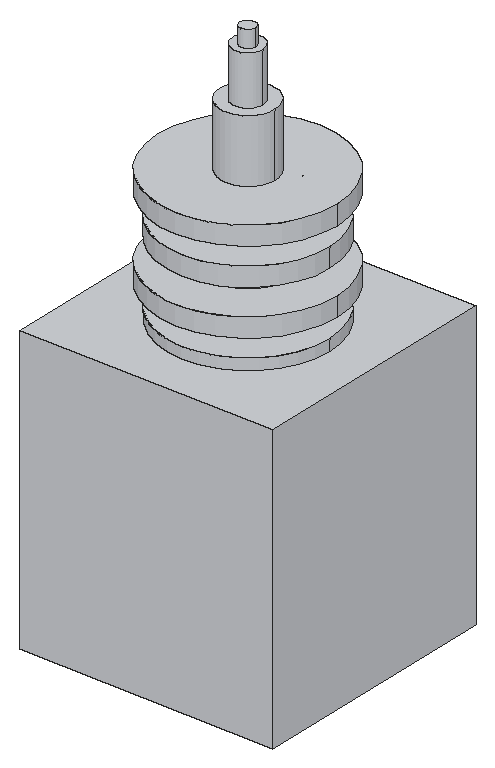
Revit family "GIS_Transformer_BushingMV", category Modelos genéricos, Revit 2027
Family settings
  Pode hospedar o vergalhão = Não
  Cota do conector redondo = Utilizar diâmetro
  Tipo de parte = Normal
  Com base no plano de trabalho = Não
  Sempre na vertical = Sim
  Corte com vazios quando carregada = Não
  Manter orientação da anotação = Não
  Compartilhado = Não
  Ponto de cálculo do ambiente = Não
Parameters (values of type "TR_BUSHING_MV_STUDY")
  Elevação padrão = 0 mm
  BIM_TensaoSecundaria_kV = 0
  BIM_TensaoNominal_kV = 13.8
  BIM_TensaoClasse_kV = 17.5
  BIM_TensaoClasseSecundaria_kV = 0
  BIM_Sistema_Elemento [instance] = ""
  BIM_ReferenciaCatalogo = "Portfolio estimate; bushing datasheet pending"
  BIM_Profundidade = 360 mm
  BIM_Potencia_MVA = 0
  BIM_Localizacao [instance] = ""
  BIM_Largura = 360 mm
  BIM_Impedancia_pu = 0
  BIM_FonteGeometria = "Portfolio estimate; bushing datasheet pending"
  BIM_Fabricante = "NAO SELECIONADO"
  BIM_EstadoGeometria = "ESTIMATED"
  BIM_EstadoEspecificacao = "PREMISSA / NAO SELECIONADO"
  BIM_DescricaoEstudo = "Bucha de media tensao conceitual; classe de isolamento e terminais pendentes."
  BIM_CorrenteReferenciaSecundaria_A = 0
  BIM_CorrenteNominal_A = 0
  BIM_Bay [instance] = ""
  BIM_AlturaCorpoPrincipal = 405.6 mm
  BIM_Altura = 780 mm
Reference planes
  plane 1 "Centro (Frente/Trás)": y = 0
  plane 2: z = 0
  plane 3 "Centro (Esquerda/Direita)": x = 0
  plane 4 "BIM Left": x = -180
  plane 5 "BIM Right": x = 180
  plane 6 "BIM Front": y = -180
  plane 7 "BIM Back": y = 180
Forms (mm)
  Extrusion 1, solid
    sketch origin (0, 0, 0) x (1, 0, 0) y (0, 1, 0)
      loop
        line (-180, -180) -> (180, -180) -> (180, 180) -> (-180, 180) -> (-180, -180)
    from 0 to 405.6 <- "BIM_AlturaCorpoPrincipal"
  Extrusion 2, solid
    sketch origin (0, 0, 78) x (1, 0, 0) y (0, 1, 0)
      loop
        line (-118.8, -118.8) -> (118.8, -118.8) -> (118.8, 118.8) -> (-118.8, 118.8) -> (-118.8, -118.8)
    from 0 to 93.6
  Extrusion 3, solid
    sketch origin (0, 0, 148.2) x (1, 0, 0) y (0, 1, 0)
      loop
        circle (0, 0) r 102.6
    from 0 to 124.8
  Extrusion 4, solid
    sketch origin (0, 0, 218.4) x (1, 0, 0) y (0, 1, 0)
      loop
        circle (0, 0) r 127.44
    from 0 to 27.3
  Extrusion 5, solid
    sketch origin (0, 0, 276.9) x (1, 0, 0) y (0, 1, 0)
      loop
        circle (0, 0) r 116.64
    from 0 to 27.3
  Extrusion 6, solid
    sketch origin (0, 0, 335.4) x (1, 0, 0) y (0, 1, 0)
      loop
        circle (0, 0) r 127.44
    from 0 to 27.3
  Extrusion 7, solid
    sketch origin (0, 0, 393.9) x (1, 0, 0) y (0, 1, 0)
      loop
        circle (0, 0) r 116.64
    from 0 to 27.3
  Extrusion 8, solid
    sketch origin (0, 0, 452.4) x (1, 0, 0) y (0, 1, 0)
      loop
        circle (0, 0) r 127.44
    from 0 to 27.3
  Extrusion 9, solid
    sketch origin (0, 0, 510.9) x (1, 0, 0) y (0, 1, 0)
      loop
        circle (0, 0) r 116.64
    from 0 to 27.3
  Extrusion 10, solid
    sketch origin (0, 0, 569.4) x (1, 0, 0) y (0, 1, 0)
      loop
        circle (0, 0) r 127.44
    from 0 to 27.3
  Extrusion 11, solid
    sketch origin (0, 0, 241.8) x (1, 0, 0) y (0, 1, 0)
      loop
        circle (0, 0) r 62.64
    from 0 to 351
  Extrusion 12, solid
    sketch origin (0, 0, 592.8) x (1, 0, 0) y (0, 1, 0)
      loop
        circle (0, 0) r 38.88
    from 0 to 93.6
  Extrusion 13, solid
    sketch origin (0, 0, 686.4) x (1, 0, 0) y (0, 1, 0)
      loop
        circle (0, 0) r 21.6
    from 0 to 70.2
  Extrusion 14, solid
    sketch origin (0, 0, 756.6) x (1, 0, 0) y (0, 1, 0)
      loop
        circle (0, 0) r 10.8
    from 0 to 23.4
Dimensions and locks
  "BIM_Largura": plane 4 "BIM Left" to plane 5 "BIM Right"
  "BIM_Profundidade": plane 6 "BIM Front" to plane 7 "BIM Back"
  aligned and locked: level to plane 2
  aligned and locked: plane 4 "BIM Left" to Extrusion 1
  aligned and locked: Extrusion 1 to plane 5 "BIM Right"
  aligned and locked: Extrusion 1 to plane 6 "BIM Front"
  aligned and locked: plane 7 "BIM Back" to Extrusion 1
Automatic sketch dimensions
  Extrusion 1 sketch curve to plane 4 "BIM Left" = 0 mm
  Extrusion 1 sketch curve to plane 5 "BIM Right" = 0 mm
  Extrusion 1 sketch curve to plane 6 "BIM Front" = 0 mm
  Extrusion 1 sketch curve to plane 7 "BIM Back" = 0 mm
  Extrusion 2 sketch curve to plane 4 "BIM Left" = 61.2 mm
  plane 5 "BIM Right" to Extrusion 2 sketch curve = 61.2 mm
  plane 6 "BIM Front" to Extrusion 2 sketch curve = 61.2 mm
  Extrusion 2 sketch curve to plane 7 "BIM Back" = 61.2 mm
  Extrusion 3 sketch curve to Extrusion 3 sketch curve = 0 mm  (x2)
  plane 1 "Centro (Frente/Trás)" to Extrusion 3 sketch curve = 0 mm
  Extrusion 3 sketch curve to plane 3 "Centro (Esquerda/Direita)" = 0 mm
  Extrusion 3 sketch curve to plane 4 "BIM Left" = 77.4 mm
  Extrusion 4 sketch curve to Extrusion 4 sketch curve = 0 mm  (x2)
  plane 1 "Centro (Frente/Trás)" to Extrusion 4 sketch curve = 0 mm
  Extrusion 4 sketch curve to plane 3 "Centro (Esquerda/Direita)" = 0 mm
  Extrusion 4 sketch curve to plane 4 "BIM Left" = 52.56 mm
  Extrusion 5 sketch curve to Extrusion 5 sketch curve = 0 mm  (x2)
  plane 1 "Centro (Frente/Trás)" to Extrusion 5 sketch curve = 0 mm
  Extrusion 5 sketch curve to plane 3 "Centro (Esquerda/Direita)" = 0 mm
  Extrusion 5 sketch curve to plane 4 "BIM Left" = 63.36 mm
  Extrusion 6 sketch curve to Extrusion 6 sketch curve = 0 mm  (x2)
  plane 1 "Centro (Frente/Trás)" to Extrusion 6 sketch curve = 0 mm
  Extrusion 6 sketch curve to plane 3 "Centro (Esquerda/Direita)" = 0 mm
  Extrusion 6 sketch curve to plane 4 "BIM Left" = 52.56 mm
  Extrusion 7 sketch curve to Extrusion 7 sketch curve = 0 mm  (x2)
  plane 1 "Centro (Frente/Trás)" to Extrusion 7 sketch curve = 0 mm
  Extrusion 7 sketch curve to plane 3 "Centro (Esquerda/Direita)" = 0 mm
  Extrusion 7 sketch curve to plane 4 "BIM Left" = 63.36 mm
  Extrusion 8 sketch curve to Extrusion 8 sketch curve = 0 mm  (x2)
  plane 1 "Centro (Frente/Trás)" to Extrusion 8 sketch curve = 0 mm
  Extrusion 8 sketch curve to plane 3 "Centro (Esquerda/Direita)" = 0 mm
  Extrusion 8 sketch curve to plane 4 "BIM Left" = 52.56 mm
  Extrusion 9 sketch curve to Extrusion 9 sketch curve = 0 mm  (x2)
  plane 1 "Centro (Frente/Trás)" to Extrusion 9 sketch curve = 0 mm
  Extrusion 9 sketch curve to plane 3 "Centro (Esquerda/Direita)" = 0 mm
  Extrusion 9 sketch curve to plane 4 "BIM Left" = 63.36 mm
  Extrusion 10 sketch curve to Extrusion 10 sketch curve = 0 mm  (x2)
  plane 1 "Centro (Frente/Trás)" to Extrusion 10 sketch curve = 0 mm
  Extrusion 10 sketch curve to plane 3 "Centro (Esquerda/Direita)" = 0 mm
  Extrusion 10 sketch curve to plane 4 "BIM Left" = 52.56 mm
  Extrusion 11 sketch curve to Extrusion 11 sketch curve = 0 mm  (x2)
  plane 1 "Centro (Frente/Trás)" to Extrusion 11 sketch curve = 0 mm
  Extrusion 11 sketch curve to plane 3 "Centro (Esquerda/Direita)" = 0 mm
  Extrusion 11 sketch curve to plane 3 "Centro (Esquerda/Direita)" = 62.64 mm
  Extrusion 12 sketch curve to Extrusion 12 sketch curve = 0 mm  (x2)
  plane 1 "Centro (Frente/Trás)" to Extrusion 12 sketch curve = 0 mm
  Extrusion 12 sketch curve to plane 3 "Centro (Esquerda/Direita)" = 0 mm
  Extrusion 12 sketch curve to plane 3 "Centro (Esquerda/Direita)" = 38.88 mm
  Extrusion 13 sketch curve to Extrusion 13 sketch curve = 0 mm  (x2)
  plane 1 "Centro (Frente/Trás)" to Extrusion 13 sketch curve = 0 mm
  Extrusion 13 sketch curve to plane 3 "Centro (Esquerda/Direita)" = 0 mm
  Extrusion 13 sketch curve to plane 3 "Centro (Esquerda/Direita)" = 21.6 mm
  Extrusion 14 sketch curve to Extrusion 14 sketch curve = 0 mm  (x2)
  plane 1 "Centro (Frente/Trás)" to Extrusion 14 sketch curve = 0 mm
  Extrusion 14 sketch curve to plane 3 "Centro (Esquerda/Direita)" = 0 mm
  Extrusion 14 sketch curve to plane 3 "Centro (Esquerda/Direita)" = 10.8 mm
